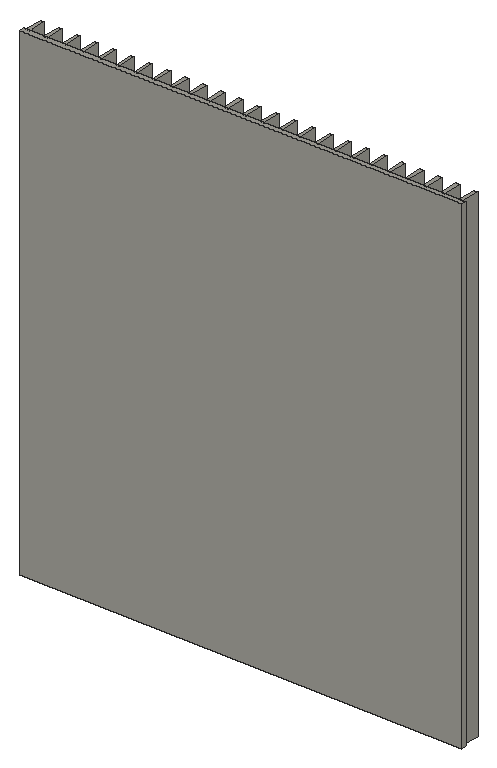
Revit family "Plug Surfaces 001", category Generic Models, host Wall, Revit 2021
Family settings
  Host = Wall
  Can host rebar = No
  Round Connector Dimension = Use Diameter
  Part Type = Normal
  Always vertical = Yes
  Cut with Voids When Loaded = No
  Shared = No
  Room Calculation Point = No
Parameters
  URL = "https://www.csiposhfelt.com/products/plug-surfaces-001"
  Model = "Plug Surfaces 001"
  Manufacturer = "CSI PoshFelt"
  Default Elevation = 0' - 0"
  Blade Thickness = 0' - 4"
  Base Material = PSH006
  Base Height = 9' - 0"
Reference planes (in)
  plane 1: y = 0
  plane 2 "Center (Left/Right)": x = 0
  plane 3 "Wall Edge": y = 3
Forms (in)
  Extrusion 1, solid, material "PSH006" <- "Base Material"
    sketch origin (-2.125, 0, 0) x (1, 0, 0) y (0, 1, 0)
      loop
        line (-46.75, 3) -> (51, 3) -> (51, 4) -> (-46.75, 4) -> (-46.75, 3)
    from 0 to 108
  Extrusion 2, solid, material "PSH006" <- "Base Material"
    sketch origin (0, 0, 0) x (1, 0, 0) y (0, 1, 0)
      loop
        line (0.375, 4) -> (0.375, 8) -> (-0.375, 8) -> (-0.375, 4) -> (0.375, 4)
      loop
        line (-3.625, 4) -> (-3.625, 8) -> (-4.375, 8) -> (-4.375, 4) -> (-3.625, 4)
      loop
        line (-7.625, 4) -> (-7.625, 8) -> (-8.375, 8) -> (-8.375, 4) -> (-7.625, 4)
      loop
        line (-11.625, 4) -> (-11.625, 8) -> (-12.375, 8) -> (-12.375, 4) -> (-11.625, 4)
      loop
        line (-15.625, 4) -> (-15.625, 8) -> (-16.375, 8) -> (-16.375, 4) -> (-15.625, 4)
      loop
        line (-19.625, 4) -> (-19.625, 8) -> (-20.375, 8) -> (-20.375, 4) -> (-19.625, 4)
      loop
        line (-23.625, 4) -> (-23.625, 8) -> (-24.375, 8) -> (-24.375, 4) -> (-23.625, 4)
      loop
        line (-27.625, 4) -> (-27.625, 8) -> (-28.375, 8) -> (-28.375, 4) -> (-27.625, 4)
      loop
        line (-31.625, 4) -> (-31.625, 8) -> (-32.375, 8) -> (-32.375, 4) -> (-31.625, 4)
      loop
        line (-35.625, 4) -> (-35.625, 8) -> (-36.375, 8) -> (-36.375, 4) -> (-35.625, 4)
      loop
        line (-39.625, 4) -> (-39.625, 8) -> (-40.375, 8) -> (-40.375, 4) -> (-39.625, 4)
      loop
        line (-43.625, 4) -> (-43.625, 8) -> (-44.375, 8) -> (-44.375, 4) -> (-43.625, 4)
      loop
        line (-47.625, 4) -> (-47.625, 8) -> (-48.375, 8) -> (-48.375, 4) -> (-47.625, 4)
      loop
        line (4.375, 4) -> (4.375, 8) -> (3.625, 8) -> (3.625, 4) -> (4.375, 4)
      loop
        line (8.375, 4) -> (8.375, 8) -> (7.625, 8) -> (7.625, 4) -> (8.375, 4)
      loop
        line (12.375, 4) -> (12.375, 8) -> (11.625, 8) -> (11.625, 4) -> (12.375, 4)
      loop
        line (16.375, 4) -> (16.375, 8) -> (15.625, 8) -> (15.625, 4) -> (16.375, 4)
      loop
        line (20.375, 4) -> (20.375, 8) -> (19.625, 8) -> (19.625, 4) -> (20.375, 4)
      loop
        line (24.375, 4) -> (24.375, 8) -> (23.625, 8) -> (23.625, 4) -> (24.375, 4)
      loop
        line (28.375, 4) -> (28.375, 8) -> (27.625, 8) -> (27.625, 4) -> (28.375, 4)
      loop
        line (32.375, 4) -> (32.375, 8) -> (31.625, 8) -> (31.625, 4) -> (32.375, 4)
      loop
        line (36.375, 4) -> (36.375, 8) -> (35.625, 8) -> (35.625, 4) -> (36.375, 4)
      loop
        line (40.375, 4) -> (40.375, 8) -> (39.625, 8) -> (39.625, 4) -> (40.375, 4)
      loop
        line (44.375, 4) -> (44.375, 8) -> (43.625, 8) -> (43.625, 4) -> (44.375, 4)
      loop
        line (48.375, 4) -> (48.375, 8) -> (47.625, 8) -> (47.625, 4) -> (48.375, 4)
    from 0 to 108
Lines and regions (in)
  reference lines
    curve 1: line (-58, 4, 0) -> (55, 4, 0)
    curve 2: line (92, 3, 108) -> (-112, 3, 108)
    curve 3: line (-58, 8, 0) -> (55, 8, 0)
Text (in)
  text "Placement Side" at (0, 40.15149, 123.01588), in view "Right"
  text "Placement Side" at (-70.3804, 28.46503, 0), in view "Ref. Level"
  text "Placement Side" at (0, 81.62555, 140.59947), in view "Left"
Dimensions and locks (in)
  locked: plane 3 "Wall Edge" to host wall
  locked: plane 3 "Wall Edge" to curve 1 at 1
  "Base Height": curve 1 to curve 2
  "Blade Thickness": curve 1 to curve 3
  locked: Extrusion 1 to Extrusion 2 at 0.5
  locked: Extrusion 2 to Extrusion 1 at 0.5
  aligned and locked: Extrusion 1 to curve 1
  aligned and locked: Extrusion 1 to curve 2
  aligned and locked: curve 1 to Extrusion 2
  aligned and locked: Extrusion 2 to curve 3  (x14)
Automatic sketch dimensions
  Extrusion 1 sketch curve to host wall = 0' - 0"
  host wall to Extrusion 1 sketch curve = 0' - 1"
  Extrusion 1 sketch curve to plane 2 "Center (Left/Right)" = 4' - 0 7/8"
  plane 2 "Center (Left/Right)" to Extrusion 1 sketch curve = 4' - 0 7/8"
  host wall to Extrusion 2 sketch curve = 0' - 1"  (x25)
  Extrusion 2 sketch curve to plane 2 "Center (Left/Right)" = 4' - 0 3/8"
  Extrusion 2 sketch curve to Extrusion 2 sketch curve = 0' - 0 3/4"  (x24)
  Extrusion 2 sketch curve to Extrusion 2 sketch curve = 0' - 3 1/4"  (x23)
  Extrusion 2 sketch curve to plane 2 "Center (Left/Right)" = 0' - 0 3/8"
  plane 2 "Center (Left/Right)" to Extrusion 2 sketch curve = 0' - 0 3/8"
  Extrusion 2 sketch curve to Extrusion 2 sketch curve = 0' - 4"  (x4)
  Extrusion 2 sketch curve to Extrusion 2 sketch curve = 0' - 0"  (x21)
  curve 3 to plane 2 "Center (Left/Right)" = 4' - 10"
  curve 1 to curve 3 = 0' - 0"  (x2)
  plane 2 "Center (Left/Right)" to curve 3 = 4' - 7"
  curve 2 to plane 2 "Center (Left/Right)" = 9' - 4"
  plane 2 "Center (Left/Right)" to curve 2 = 7' - 8"
